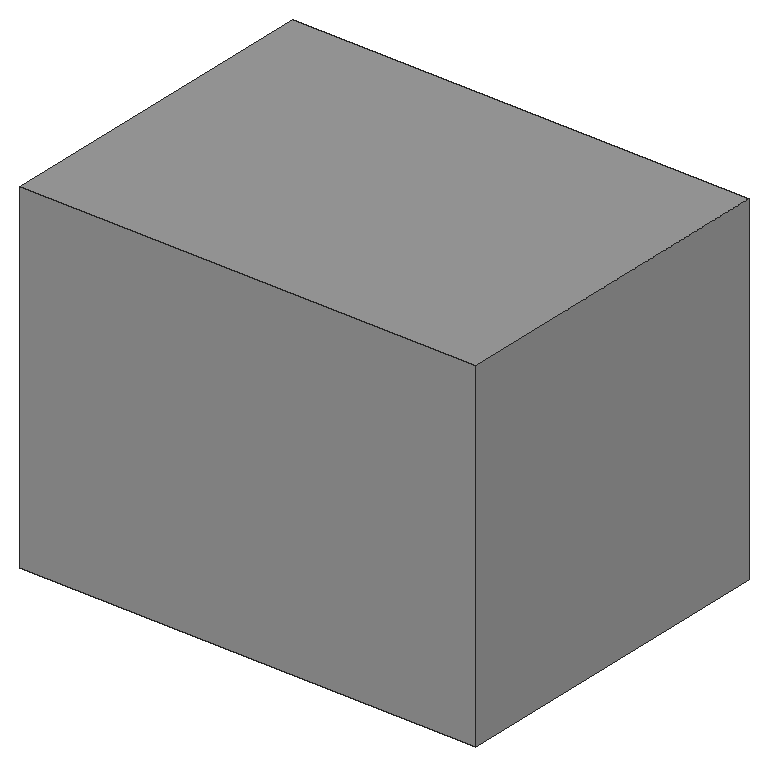
Revit family "Pull Box", category Electrical Fixtures, Revit 2022
Family settings
  Round Connector Dimension = Use Diameter
  Part Type = Normal
  OmniClass Number = 23.80.00.00
  OmniClass Title = Electric Power and Lighting
  Work Plane-Based = No
  Always vertical = Yes
  Cut with Voids When Loaded = No
  Maintain Annotation Orientation = No
  Shared = No
  Room Calculation Point = No
Parameters
  Height [instance] = 30 mm
  Depth [instance] = 30 mm
  Width [instance] = 40 mm
  SubSquare [instance] = 40 mm
  LargeSquare [instance] = 200 mm
  Default Elevation = 0 mm
Reference planes
  plane 1 "Center (Front/Back)": y = 0
  plane 2: z = 0
  plane 3 "Center (Left/Right)": x = 0
  plane 4: y = 15
  plane 5: y = -15
  plane 6: x = -20
  plane 7: x = 20
Forms (mm)
  Extrusion 1, solid, material "Default"
    sketch origin (0, 0, 0) x (1, 0, 0) y (0, 1, 0)
      loop
        line (-20, 15) -> (-20, -15) -> (20, -15) -> (20, 15) -> (-20, 15)
    from 0 to 30
Lines and regions (mm)
  reference lines
    curve 1: line (276.153, 0, 30) -> (-308.847, 0, 30)
  model lines, style "Pull Box Line"
    curve 2: line (-20, 15, 0) -> (20, -15, 0)
    curve 3: line (20, 15, 0) -> (-20, -15, 0)
Dimensions and locks
  equal spacing: plane 6, plane 3 "Center (Left/Right)", plane 7
  "SubSquare": plane 6 to plane 7
  equal spacing: plane 4, plane 1 "Center (Front/Back)", plane 5
  "Width": Extrusion 1 to Extrusion 1
  "Depth": Extrusion 1 to Extrusion 1
  "Height": Extrusion 1 to Extrusion 1
  aligned and locked: level to plane 2
  aligned and locked: Extrusion 1 sketch curve to plane 4
  aligned and locked: plane 6 to Extrusion 1 sketch curve
  aligned and locked: plane 5 to Extrusion 1 sketch curve
  aligned and locked: Extrusion 1 sketch curve to plane 7
  aligned and locked: Extrusion 1 to curve 1
Automatic sketch dimensions
  curve 3 to plane 5 = 0 mm
  curve 3 to plane 6 = 0 mm
  curve 2 to plane 4 = 0 mm
  curve 2 to plane 6 = 0 mm
  curve 3 to plane 4 = 0 mm
  curve 3 to plane 7 = 0 mm
  curve 2 to plane 5 = 0 mm
  curve 2 to plane 7 = 0 mm
  level to curve 1 = 30 mm
  curve 1 to plane 6 = 288.847 mm
  plane 7 to curve 1 = 256.153 mm
Connectors
  cabletrayconduit at (0, 0, 30), diameter 16
    settings: on Extrusion 1, index 1, connector width 300 mm, connector height 300 mm, connector angle 0.00°, system type 32, placement type 0, profile type 0, connector reference index -1, is primary connector yes, connector utility param no, connector description "Top"
  cabletrayconduit at (0, 15, 15), diameter 16
    settings: on Extrusion 1, index 2, connector width 300 mm, connector height 300 mm, connector angle 0.00°, system type 32, placement type 0, profile type 0, connector reference index -1, is primary connector no, connector utility param no, connector description "Back"
  cabletrayconduit at (0, -15, 15), diameter 16
    settings: on Extrusion 1, index 3, connector width 300 mm, connector height 300 mm, connector angle 0.00°, system type 32, placement type 0, profile type 0, connector reference index -1, is primary connector no, connector utility param no, connector description "Front"
  cabletrayconduit at (-20, 0, 15), diameter 16
    settings: on Extrusion 1, index 4, connector width 300 mm, connector height 300 mm, connector angle 0.00°, system type 32, placement type 0, profile type 0, connector reference index -1, is primary connector no, connector utility param no, connector description "Left"
  cabletrayconduit at (20, 0, 15), diameter 16
    settings: on Extrusion 1, index 5, connector width 300 mm, connector height 300 mm, connector angle 0.00°, system type 32, placement type 0, profile type 0, connector reference index -1, is primary connector no, connector utility param no, connector description "Right"
  cabletrayconduit at (0, 0, 0), diameter 16
    settings: on Extrusion 1, index 6, connector width 300 mm, connector height 300 mm, connector angle 0.00°, system type 32, placement type 0, profile type 0, connector reference index -1, is primary connector no, connector utility param no, connector description "Bottom"
